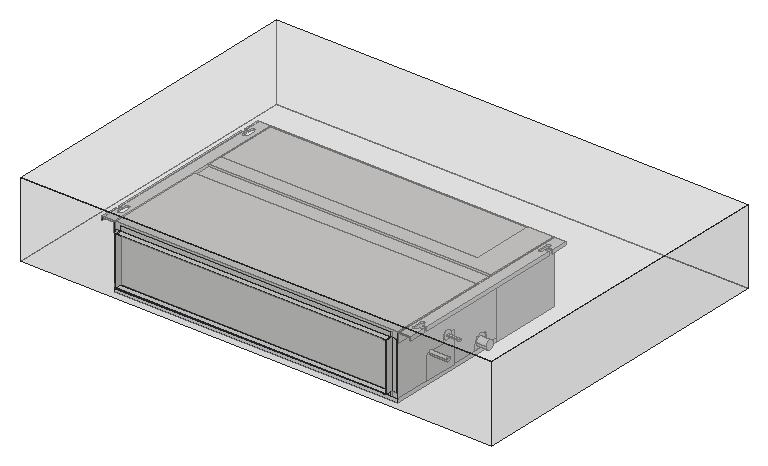
Revit family "outputfile", category 機械設備, Revit 2024
Family settings
  丸型コネクタ寸法 = 半径を使用
  パーツ タイプ = 標準
  OmniClass 番号 = 23.75.10.24.21.27.27
  OmniClass タイトル = Split System Air Conditioning Units
  作業面ベース = いいえ
  常に垂直 = はい
  ロード時にボイドで切り取り = いいえ
  注釈の向きを維持 = いいえ
  共有 = いいえ
  部屋計算ポイント = はい
Parameters (values of type "FXDQ40NDVET")
  Description = ""
  製造元 = "Daikin"
  書き出し IFC クラス(タイプ) = "IfcUnitaryEquipmentType"
  定義済み IFC タイプ(タイプ) = "AIRCONDITIONINGUNIT"
  Cost = 0
  モデル = "FXDQ40NDVET"
  Type Comments = ""
  Keynote = ""
  Type Image = (empty or 0)
  Assembly Code = ""
  w_pipe = 33.0 mm
  r_Liquid Pipe Size = Liquid Pipe Size / 2  # 3.2 mm
  r_Gas Pipe Size = Gas Pipe Size / 2  # 6.35 mm
  r_Drain Pipe Size = Drain Pipe Size / 2  # 10.0 mm
  lw_powersupply = 404.0 mm
  lw_ductflange2 = 820.0 mm
  lw_Width = 860.0 mm
  lh_suctionflange [instance] = if(Rear Connection_Return Air, 100.0 mm + [h***], 190.0 mm + [h***])  # 100.0 mm
  ld_suctionflange [instance] = if(Rear Connection_Return Air, 190.0 mm, 100.0 mm)  # 190.0 mm
  ld_powersupply = 60.0 mm
  angle_vertical_RA [instance] = if(Rear Connection_Return Air, 90.00°, 0.00°)  # 90.00°
  angle horizontal_RA [instance] = if(Rear Connection_Return Air, 180.00°, 270.00°)  # 180.00°
  Voltage_comment_60Hz = "220"
  Voltage_comment_50Hz = "220-240"
  Voltage_60Hz = 220 V
  Voltage_50Hz = 220 V
  URL = ""
  Supply Air Direction [instance] = yes
  Sound Power Level_H speed (dB) = 56
  Rear Connection_Return Air [instance] = not(Bottom Connection_Return Air)  # yes
  RA_length = 190.0 mm  # constant formula
  Phase_60Hz = 1
  Phase_50Hz = 1
  Minimum External Static Pressure = 15.00 Pa
  Minimum Circuit Amps_60Hz = 1.1 A
  Minimum Circuit Amps_50Hz = 1.0 A
  Maximum Fuse Amps_60Hz = 16.0 A
  Maximum Fuse Amps_50Hz = 16.0 A
  Maximum External Static Pressure = 44.00 Pa
  Material_Casing = DAIKIN_GalvanizedSteel_Casing_indoorunit
  lw_liquidpipe = 46.0 mm  # constant formula
  lw_gaspipe = 57.0 mm  # constant formula
  lw_mountinghole_pitch = 940.0 mm
  lw_mountinghole = 20.0 mm  # constant formula
  lw_drainpipe = 33.0 mm  # constant formula
  lh_powersupply = 10.0 mm
  lh_liquidpipe = 110.0 mm
  lh_gaspipe = 87.0 mm
  lh_mountinghole = Height + [h***]  # 200.0 mm
  lh_drainpipe = 30.0 mm
  lh_antena = 1.0 mm  # constant formula
  ld_liquidpipe = 193.0 mm  # constant formula
  ld_gaspipe = 130.0 mm  # constant formula
  ld_mountinghole_pitch = 0.0 mm  # constant formula
  ld_drainpipe = 280.0 mm
  ld_controlbox = 626.0 mm  # constant formula
  h*** = 0.0 mm  # constant formula
  d_dischargeflange = 21.2 mm  # constant formula
  Width = 900.0 mm
  Version = "ver.1.0"
  Unit Type = "Slim Duct (Standard) Type"
  Unit Mass Weight = 27.00 kg
  Unit Designation [instance] = ""
  Uniclass2015Version = "Products v1.30"
  Uniclass2015Title = "Variable refrigerant flow units"
  Uniclass2015Code = "Pr_70_65_03_94"
  Total Heating Capacity [instance] = 0.000 kW
  Total Cooling Capacity [instance] = 0.000 kW
  Sound Pressure Level_M speed (dBA) = 0
  Sound Pressure Level_L speed (dBA) = 26
  Sound Pressure Level_H speed (dBA) = 30
  Series = "VRV Fan Coil Unit"
  Sensible Cooling Capacity [instance] = 0.000 kW
  SA Duct Size Width = 860.0 mm
  SA Duct Size Height = 153.0 mm
  Refrigerant Type = "R410A"
  RA Duct Size Width = 800.0 mm
  RA Duct Size Height = 180.0 mm
  Power Input (Heating) = 0.147 kW
  Power Input (Cooling) = 0.147 kW
  Option Accessory 3 [instance] = ""
  Option Accessory 2 [instance] = ""
  Option Accessory 1 [instance] = ""
  Nominal Heating Capacity = 5.000 kW
  Nominal Cooling Capacity = 4.500 kW
  Minimum Airflow = 510.00 m³/h
  Median Airflow = 570.00 m³/h
  Maximum Airflow = 630.00 m³/h
  Load Classification = HVAC
  Liquid Pipe Size = 6.4 mm
  Link_Nested Family [instance] = ""
  IfcVersion = "0"
  IfcExportType = "AIRCONDITIONINGUNIT"
  IfcExportAs = "IfcUnitaryEquipmentType"
  Height = 200.0 mm
  Heating Entering Wet Bulb Temperature [instance] = 0.00 °C
  Heating Entering Dry Bulb Temperature [instance] = 0.00 °C
  Heating Ambient Wet Bulb Temperature [instance] = 0.00 °C
  Heating Ambient Dry Bulb Temperature [instance] = 0.00 °C
  Heat Exchanger Type = "Cross Fin Coil"
  Gas Pipe Size = 12.7 mm
  Frequency_60Hz = 60 Hz
  Frequency_50Hz = 50 Hz
  Fan Type = "Sirocco Fan"
  Fan Drive = "Direct Drive"
  FCU Tag No. [instance] = ""
  Drain Pipe Size = 20.0 mm
  Design Supply Airflow [instance] = 0.00 m³/h
  Design Return Airflow [instance] = 0.00 m³/h
  Design External Static Pressure [instance] = 0.00 Pa
  Depth = 620.0 mm
  既定の高さ = 0.0 mm
  Cooling Entering Wet Bulb Temperature [instance] = 0.00 °C
  Cooling Entering Dry Bulb Temperature [instance] = 0.00 °C
  Cooling Ambient Wet Bulb Temperature [instance] = 0.00 °C
  Cooling Ambient Dry Bulb Temperature [instance] = 0.00 °C
  Clearance visibility [instance] = yes
  Clearance Top = 20.0 mm
  Clearance Right = 300.0 mm
  Clearance Rear = 400.0 mm
  Clearance Left = 300.0 mm
  Clearance Front = 0.0 mm
  Clearance Bottom = 20.0 mm
  Bottom Connection_Return Air [instance] = no
Reference planes
  plane 1 "Center (Front/Back)": y = 0
  plane 2: z = 0
  plane 3 "Center (Left/Right)": x = 0
  plane 4 "Back": y = 310
  plane 5 "Front": y = -310
  plane 6 "Left": x = -450
  plane 7 "Right": x = 450
  plane 8 "Top": z = 0
  plane 9 "Bottom": z = -200
  plane 10: x = 330
  plane 11: x = -330
  plane 12: z = -190
  plane 13: z = -6
  plane 14: z = -22
  plane 15: z = -90
  plane 16: z = -113
  plane 17: x = -304
  plane 18: x = 304
  plane 19: x = -470
  plane 20: x = 470
  plane 21: y = 250
  plane 22: y = 250
  plane 23: x = -490
  plane 24: x = 390
  plane 25: x = 496
  plane 26: x = 507
  plane 27: x = 483
  plane 28: z = 0
  plane 29: z = -170
  plane 30 "Clearance Left": x = -750
  plane 31 "Clearance Right": x = 750
  plane 32 "Clearance Rear": y = 710
  plane 33 "Clearance Front": y = -310
  plane 34 "Clearance Top": z = 20
  plane 35 "Clearance Bottom": z = -220
  plane 36: z = -21
  plane 37: z = -170
  plane 38: z = -96.5
  plane 39: x = -40
  plane 40: y = -180
  plane 41: y = -117
  plane 42: y = -30
  plane 43: y = 20
  plane 44: z = -97.5
  plane 45: y = -309
  plane 46: x = -449
  plane 47: z = -100
  plane 48: z = -30
  plane 49: y = 210
  plane 50: z = 301
  plane 51: z = -199
  plane 52: y = 120
  plane 53: z = -101
  plane 54: x = 480
  plane 55: x = 445
  plane 56: x = 455
  plane 57: x = 451
  plane 58: x = 369
  plane 59: x = 449.004
  plane 60: x = -449
  plane 61: x = 404
  plane 62: z = -189
  plane 63: z = 102.5
Forms (mm)
  Extrusion 1, solid
    sketch origin (0, 0, 0) x (1, 0, 0) y (0, 0, 1)
      loop
        line (-450, -190) -> (-450, -200) -> (450, -200) -> (450, -190) -> (-450, -190)
    from -84 to 310
  Extrusion 2, solid, material "DAIKIN_GalvanizedSteel_Casing_indoorunit" <- "Material_Casing"
    sketch origin (0, 0, 0) x (1, 0, 0) y (0, 1, 0)
      loop
        line (-450, -309) -> (450, -309) -> (450, 310) -> (-450, 310) -> (-450, -309)
    from -200 to 0
  Extrusion 3, void
    sketch origin (0, 0, 1) x (1, 0, 0) y (0, 1, 0)
      loop
        line (-450, 62.179) -> (-450, 4.179) -> (450, 4.179) -> (450, 62.179) -> (-450, 62.179)
    from -1 to -7
  Extrusion 4, void
    sketch origin (0, 0, 0) x (0, 1, 0) y (0, 0, 1)
      loop
        line (-5, -190) -> (45, -190) -> (45, -170)
        arc (45, -170) -> (20, -145) -> (-5, -170) r 25
        line (-5, -170) -> (-5, -190)
    from 450 to 445
  Revolve 5, solid, material "DAIKIN_GalvanizedSteel_Casing_indoorunit" <- "Material_Casing"
    sketch origin (0, 0, -113) x (0, -1, 0) y (1, 0, 0)
      loop
        line (173.65, 451) -> (180, 451) -> (180, 507) -> (173.65, 507) -> (173.65, 451)
      axis (180, 451) -> (180, 507)
    angle from 0 to 360
  Revolve 6, solid, material "DAIKIN_GalvanizedSteel_Casing_indoorunit" <- "Material_Casing"
    sketch origin (0, 0, -90) x (0, -1, 0) y (1, 0, 0)
      loop
        line (117, 451) -> (117, 496) -> (113.8, 496) -> (113.8, 451) -> (117, 451)
      axis (117, 496) -> (117, 451)
    angle from 0 to 360
  Extrusion 7, solid, material "DAIKIN_GalvanizedSteel_Casing_indoorunit" <- "Material_Casing"
    sketch origin (0, 0, 0) x (0, 1, 0) y (0, 0, 1)
      loop
        circle (-116, -90) r 12.7
    from 450 to 455
  Extrusion 8, solid, material "DAIKIN_GalvanizedSteel_Casing_indoorunit" <- "Material_Casing"
    sketch origin (0, 0, 0) x (0, 1, 0) y (0, 0, 1)
      loop
        circle (20, -170) r 13
    from 480 to 445
  Extrusion 9, solid, material "DAIKIN_GalvanizedSteel_Casing_indoorunit" <- "Material_Casing"
    sketch origin (0, 0, 0) x (1, 0, 0) y (0, 0, 1)
      loop
        line (-450, -190) -> (-450, -200) -> (450, -200) -> (450, -190) -> (-450, -190)
    from -84 to 310
  Extrusion 10, solid, material "DAIKIN_GalvanizedSteel_Casing_indoorunit" <- "Material_Casing", visible <- "Bottom Connection_Return Air"
    sketch origin (0, 0, 0) x (1, 0, 0) y (0, 0, 1)
      loop
        line (369, -200) -> (369, -1) -> (-449, -1) -> (-449, -200) -> (369, -200)
    from -310 to -309
  Extrusion 11, void
    sketch origin (0, 0, 0) x (1, 0, 0) y (0, 0, 1)
      loop
        line (369, 0) -> (-449, 0) -> (-449, -1) -> (369, -1) -> (369, 0)
    from -310 to -111
  Extrusion 12, solid, material "DAIKIN_GalvanizedSteel_Casing_indoorunit" <- "Material_Casing", visible <- "Rear Connection_Return Air"
    sketch origin (0, 0, 0) x (1, 0, 0) y (0, 1, 0)
      loop
        line (-449, 310) -> (-449, 111) -> (369, 111) -> (369, 310) -> (-449, 310)
    from -200 to -199
  Extrusion 13, solid, material "DAIKIN_GalvanizedSteel_Casing_indoorunit" <- "Material_Casing"
    sketch origin (0, 0, 0) x (0, 1, 0) y (0, 0, 1)
      loop
        line (-194, -113) -> (-194, -190) -> (-88.3, -190) -> (-88.3, -90) -> (-103.3, -90)
        arc (-103.3, -90) -> (-116, -102.7) -> (-128.7, -90) r 12.7
        line (-128.7, -90) -> (-128.7, -113) -> (-173.65, -113)
        arc (-173.65, -113) -> (-180, -119.35) -> (-186.35, -113) r 6.35
        line (-186.35, -113) -> (-194, -113)
    from 451 to 450
  Extrusion 14, solid, material "DAIKIN_GalvanizedSteel_Casing_indoorunit" <- "Material_Casing"
    sketch origin (0, 0, 0) x (0, 1, 0) y (0, 0, 1)
      loop
        line (84, -199) -> (310, -199) -> (310, -22) -> (91, -22) -> (84, -29) -> (84, -199)
    from 451 to 450
Cuts and joins
  Extrusion 3, Extrusion 4, Extrusion 11 cuts Extrusion 2
  Extrusion 4 cuts Extrusion 1
  Extrusion 11 cuts Extrusion 9
Dimensions and locks
  "lh_powersupply": plane 12 to plane 9 "Bottom"
  locked: plane 8 "Top" to plane 13 at 6
  "Height": plane 8 "Top" to plane 9 "Bottom"
  equal spacing: plane 17, plane 3 "Center (Left/Right)", plane 18, locked at 304 each
  locked: plane 17 to plane 18 at 608
  equal spacing: plane 19, plane 3 "Center (Left/Right)", plane 20
  "lw_mountinghole_pitch": plane 19 to plane 20
  locked: plane 14 to plane 9 "Bottom" at 178
  "lw_mountinghole": plane 23 to plane 19
  "lh_liquidpipe": plane 15 to plane 9 "Bottom"
  "lh_gaspipe": plane 16 to plane 9 "Bottom"
  "lh_mountinghole": plane 28 to plane 9 "Bottom"
  "ld_mountinghole_pitch": plane 22 to plane 21
  equal spacing: plane 6 "Left", plane 3 "Center (Left/Right)", plane 7 "Right"
  "Width": plane 6 "Left" to plane 7 "Right"
  "lh_drainpipe": plane 29 to plane 9 "Bottom"
  "Clearance Right": plane 7 "Right" to plane 31 "Clearance Right"
  "Clearance Left": plane 30 "Clearance Left" to plane 6 "Left"
  "lw_gaspipe": plane 7 "Right" to plane 26
  "lw_liquidpipe": plane 7 "Right" to plane 25
  "lw_drainpipe": plane 7 "Right" to plane 27
  "Clearance Rear": plane 32 "Clearance Rear" to plane 4 "Back"
  "Clearance Front": plane 5 "Front" to plane 33 "Clearance Front"
  "Clearance Top": plane 34 "Clearance Top" to plane 8 "Top"
  "Clearance Bottom": plane 9 "Bottom" to plane 35 "Clearance Bottom"
  "ld_powersupply": plane 4 "Back" to plane 22
  locked: plane 8 "Top" to plane 36 at 21
  locked: plane 8 "Top" to plane 37 at 170
  locked: plane 40 to plane 41 at 63
  locked: plane 38 to plane 9 "Bottom" at 103.5
  locked: plane 36 to plane 44 at 76.5
  "Depth": plane 4 "Back" to plane 5 "Front"
  equal spacing: plane 4 "Back", plane 1 "Center (Front/Back)", plane 5 "Front"
  locked: plane 45 to plane 5 "Front" at 1
  locked: plane 46 to plane 6 "Left" at 1
  Extrusion 10 sketch curve to Extrusion 10 sketch curve = 199.0 mm
  locked: plane 12 to plane 47 at 90
  plane 32 "Clearance Rear" to Extrusion 10 = 401.0 mm
  locked: plane 48 to plane 35 "Clearance Bottom" at 190
  plane 50 to plane 28 = 301.0 mm
  locked: plane 51 to plane 9 "Bottom" at 1
  "ld_suctionflange": plane 4 "Back" to plane 52
  locked: plane 53 to plane 9 "Bottom" at 99
  locked: plane 7 "Right" to plane 54 at 30
  locked: plane 55 to plane 7 "Right" at 5
  locked: plane 7 "Right" to plane 56 at 5
  locked: plane 7 "Right" to plane 57 at 1
  plane 7 "Right" to plane 58 = 81.0 mm
  locked: plane 7 "Right" to plane 59 at 0.996
  locked: plane 60 to plane 6 "Left" at 1
  "lw_powersupply": plane 3 "Center (Left/Right)" to plane 61
  "r_Gas Pipe Size": nested 6 to Revolve 5 sketch curve
  "r_Liquid Pipe Size": nested 5 to Revolve 6 sketch curve
  locked: plane 62 to plane 9 "Bottom" at 11
  aligned and locked: level to plane 2
  aligned and locked: Extrusion 2 to plane 9 "Bottom"
  aligned and locked: plane 8 "Top" to Extrusion 2
  aligned and locked: Revolve 5 sketch curve to Revolve 5 sketch curve
  aligned and locked: plane 15 to Extrusion 7 sketch curve
  aligned and locked: cut or joined group of Extrusion 1, Extrusion 4 to plane 9 "Bottom"
  aligned and locked: plane 25 to nested 5
  aligned and locked: nested 5 to plane 15
  aligned and locked: nested 1 to plane 22
  aligned and locked: plane 20 to nested 2
  aligned and locked: plane 19 to nested 3
  aligned and locked: plane 22 to nested 4
  aligned and locked: nested 4 to plane 22
  aligned and locked: plane 19 to nested 4
  aligned and locked: nested 10 to plane 12
  aligned and locked: Extrusion 9 to plane 5 "Front"
  aligned and locked: Extrusion 9 to plane 9 "Bottom"
  aligned and locked: nested 6 to plane 16
  aligned and locked: plane 40 to nested 6
  aligned and locked: plane 41 to nested 5
  aligned and locked: Extrusion 8 sketch curve to plane 43
  aligned and locked: plane 4 "Back" to Extrusion 11
  aligned and locked: plane 8 "Top" to Extrusion 3
  aligned and locked: Extrusion 10 to cut or joined group of Extrusion 2, Extrusion 3, Extrusion 4, Extrusion 11
  aligned and locked: plane 9 "Bottom" to Extrusion 12  (x2)
  aligned and locked: Extrusion 12 to plane 51
  aligned and locked: Extrusion 11 to level
  aligned and locked: plane 32 "Clearance Rear" to nested 13
  aligned and locked: plane 31 "Clearance Right" to nested 13
  aligned and locked: plane 30 "Clearance Left" to nested 13
  aligned and locked: nested 13 to plane 33 "Clearance Front"
  aligned and locked: nested 13 to plane 34 "Clearance Top"
  aligned and locked: nested 13 to plane 35 "Clearance Bottom"
  aligned and locked: plane 7 "Right" to Extrusion 13  (x2)
  aligned and locked: plane 4 "Back" to Extrusion 14
  aligned and locked: Extrusion 14 to plane 51
  aligned and locked: plane 7 "Right" to Extrusion 14  (x2)
  aligned and locked: Extrusion 13 to Revolve 5 sketch curve
  aligned and locked: Extrusion 3 to plane 13
  aligned and locked: plane 52 to nested 14
  aligned and locked: Extrusion 7 to plane 7 "Right"
  aligned and locked: plane 7 "Right" to cut or joined group of Extrusion 2, Extrusion 3, Extrusion 4, Extrusion 11  (x3)
  aligned and locked: cut or joined group of Extrusion 2, Extrusion 3, Extrusion 4, Extrusion 11 to plane 55
  aligned and locked: Extrusion 8 to plane 55
  aligned and locked: plane 54 to Extrusion 8
  aligned and locked: plane 56 to Extrusion 7
  aligned and locked: plane 57 to Extrusion 14
  aligned and locked: Extrusion 13 to plane 57
  aligned and locked: plane 26 to nested 6
  aligned and locked: plane 58 to Extrusion 11 sketch curve
  aligned and locked: Extrusion 10 sketch curve to plane 58
  aligned and locked: plane 3 "Center (Left/Right)" to nested 15
  aligned and locked: Extrusion 12 to plane 58
  aligned and locked: plane 6 "Left" to nested 11
  aligned and locked: plane 8 "Top" to nested 15
  aligned and locked: plane 4 "Back" to nested 15
  aligned and locked: cut or joined group of Extrusion 2, Extrusion 3, Extrusion 4, Extrusion 11 to plane 45
  aligned and locked: nested 10 to plane 61
  aligned and locked: plane 20 to nested 1
  aligned and locked: plane 43 to nested 7
  aligned and locked: nested 7 to plane 37
  aligned and locked: plane 54 to nested 7
  aligned and locked: nested 9 to plane 1 "Center (Front/Back)"
  aligned and locked: plane 3 "Center (Left/Right)" to nested 9
  aligned and locked: nested 16 to plane 62
  aligned and locked: plane 13 to nested 16
  aligned and locked: nested 11 to plane 51
  aligned and locked: nested 12 to plane 51
  aligned and locked: plane 44 to nested 8
  aligned and locked: plane 45 to nested 16
  aligned and locked: level to plane 8 "Top"
Automatic sketch dimensions
  Extrusion 1 sketch curve to plane 6 "Left" = 0.0 mm
  Extrusion 1 sketch curve to plane 7 "Right" = 0.0 mm
  Extrusion 1 sketch curve to plane 9 "Bottom" = 0.0 mm
  Extrusion 1 sketch curve to plane 12 = 0.0 mm
  Extrusion 2 sketch curve to plane 4 "Back" = 0.0 mm
  Extrusion 2 sketch curve to plane 6 "Left" = 0.0 mm
  Extrusion 2 sketch curve to plane 7 "Right" = 0.0 mm
  Extrusion 2 sketch curve to plane 45 = 0.0 mm
  Extrusion 3 sketch curve to plane 6 "Left" = 0.0 mm
  Extrusion 3 sketch curve to plane 7 "Right" = 0.0 mm
  Extrusion 3 sketch curve to plane 1 "Center (Front/Back)" = 4.179 mm
  plane 43 to Extrusion 3 sketch curve = 42.179 mm
  Extrusion 4 sketch curve to plane 37 = 0.0 mm
  Extrusion 4 sketch curve to plane 12 = 0.0 mm
  Extrusion 4 sketch curve to plane 43 = 0.0 mm
  plane 1 "Center (Front/Back)" to Extrusion 4 sketch curve = 5.0 mm
  plane 41 to Extrusion 7 sketch curve = 1.0 mm
  Extrusion 8 sketch curve to plane 37 = 0.0 mm
  Extrusion 9 sketch curve to plane 6 "Left" = 0.0 mm
  Extrusion 9 sketch curve to plane 7 "Right" = 0.0 mm
  Extrusion 9 sketch curve to plane 9 "Bottom" = 0.0 mm
  Extrusion 9 sketch curve to plane 12 = 0.0 mm
  plane 46 to Extrusion 10 sketch curve = 0.0 mm
  plane 46 to Extrusion 11 sketch curve = 0.0 mm
  Extrusion 11 sketch curve to plane 8 "Top" = 1.0 mm
  Extrusion 12 sketch curve to plane 46 = 0.0 mm
  Extrusion 12 sketch curve to plane 4 "Back" = 0.0 mm
  plane 18 to Extrusion 12 sketch curve = 65.0 mm
  plane 43 to Extrusion 12 sketch curve = 91.0 mm
  plane 35 "Clearance Bottom" to Extrusion 11 sketch curve = 220.0 mm
  Extrusion 10 sketch curve to plane 51 = 1.0 mm
  Extrusion 13 sketch curve to plane 12 = 0.0 mm
  Extrusion 13 sketch curve to plane 16 = 0.0 mm
  Extrusion 13 sketch curve to plane 40 = 0.0 mm
  Extrusion 13 sketch curve to plane 15 = 0.0 mm
  Extrusion 13 sketch curve to Extrusion 13 sketch curve = 6.35 mm
  Extrusion 13 sketch curve to Extrusion 13 sketch curve = 7.65 mm
  Extrusion 13 sketch curve to plane 41 = 11.7 mm
  plane 41 to Extrusion 13 sketch curve = 1.0 mm
  Extrusion 13 sketch curve to Extrusion 13 sketch curve = 27.7 mm
  Extrusion 14 sketch curve to plane 51 = 0.0 mm
  Extrusion 14 sketch curve to plane 14 = 0.0 mm
  plane 48 to Extrusion 14 sketch curve = 1.0 mm
  plane 43 to Extrusion 14 sketch curve = 64.0 mm
  Extrusion 14 sketch curve to Extrusion 14 sketch curve = 7.0 mm
  Extrusion 14 sketch curve to plane 4 "Back" = 0.0 mm
  Revolve 5 sketch curve to plane 26 = 0.0 mm
  Revolve 5 sketch curve to plane 40 = 0.0 mm
  Revolve 5 sketch curve to Revolve 5 sketch curve = 1.003 mm
  plane 26 to Revolve 5 sketch curve = 1.003 mm
  Revolve 6 sketch curve to plane 41 = 0.0 mm  (x2)
  Revolve 6 sketch curve to plane 25 = 0.0 mm  (x2)
  Revolve 6 sketch curve to plane 57 = 0.0 mm  (x2)
  radius of Extrusion 7 sketch curve = 12.7 mm
  radius of Extrusion 8 sketch curve = 13.0 mm
Nested families
  nested 1: "daikin_mountinghole" at (470, 250, -200), l_antenna <- "lh_antena", Link_Nested Family <- "Link_Nested Family", h_mountinghole <- "lh_mountinghole", type "daikin_mountinghole"
    with show yes, l_antenna 1.0 mm, h_mountinghole 200.0 mm, Link_Nested Family ""
  nested 2: "daikin_mountinghole" at (470, -250, -200), Link_Nested Family <- "Link_Nested Family", l_antenna <- "lh_antena", h_mountinghole <- "lh_mountinghole", type "daikin_mountinghole"
    with show yes, l_antenna 1.0 mm, h_mountinghole 200.0 mm, Link_Nested Family ""
  nested 3: "daikin_mountinghole" at (-470, -250, -200), l_antenna <- "lh_antena", Link_Nested Family <- "Link_Nested Family", h_mountinghole <- "lh_mountinghole", type "daikin_mountinghole"
    with show yes, l_antenna 1.0 mm, h_mountinghole 200.0 mm, Link_Nested Family ""
  nested 4: "daikin_mountinghole" at (-470, 250, -200), l_antenna <- "lh_antena", Link_Nested Family <- "Link_Nested Family", h_mountinghole <- "lh_mountinghole", type "daikin_mountinghole"
    with show yes, l_antenna 1.0 mm, h_mountinghole 200.0 mm, Link_Nested Family ""
  nested 5: "daikin_connector_rotate2" at (450, -117, -90) x (0, 1, 0) z (0, 0, 1), length <- "lw_liquidpipe", built-in parameter 1001364 <- "lh_liquidpipe", radius <- "r_Liquid Pipe Size", type "daikin_connector_rotate2"
    with radius 3.2 mm, length 46.0 mm, angle_vertical 90.00°, show_face no
  nested 6: "daikin_connector_rotate2" at (450, -180, -113) x (0, 1, 0) z (0, 0, 1), length <- "lw_gaspipe", built-in parameter 1001364 <- "lh_gaspipe", radius <- "r_Gas Pipe Size", type "daikin_connector_rotate2"
    with radius 6.35 mm, length 57.0 mm, angle_vertical 90.00°, show_face no
  nested 7: "daikin_connector_rotate2" at (447, 20, -170) x (0, 1, 0) z (0, 0, 1), built-in parameter 1001364 <- "lh_drainpipe", length <- "lw_drainpipe", radius <- "r_Drain Pipe Size", type "daikin_connector_rotate2"
    with radius 10.0 mm, length 33.0 mm, angle_vertical 90.00°, show_face no
  nested 8: "daikin_connector_rotate2" at (0, -309, -97.5), length <- "d_dischargeflange", type "daikin_connector_rotate2"
    with radius 10.0 mm, length 21.2 mm, angle_vertical 90.00°, show_face no
  nested 9: "daikin_△_symbolicline" at (-75, -129.904, 200) x (-0.5, 0.866, 0) z (0, 0, 1), built-in parameter 1001364 <- "Height", visible <- "Supply Air Direction", type "daikin_△_symbolicline"
    with length 300.0 mm
  nested 10: "daikin_connector_rotate2" at (404, 250, -190) x (-1, 0, 0) z (0, 0, 1), built-in parameter 1001364 <- "lw_powersupply", length <- "ld_powersupply", type "daikin_connector_rotate2"
    with radius 10.0 mm, length 60.0 mm, angle_vertical 90.00°, show_face no
  nested 11: "daikin_ductflange_FXDQ-NDVET2" at (-40, 310, -100), visible <- "Rear Connection_Return Air", material <- "Material_Casing", width <- "lw_ductflange2", type "daikin_ductflange_FXDQ-NDVET2"
    with width 820.0 mm, material DAIKIN_GalvanizedSteel_Casing_indoorunit, height 180.0 mm, depth 21.2 mm
  nested 12: "daikin_ductflange_FXDQ-NDVET2" at (-40, 210, -200) x (1, 0, 0) z (0, 1, 0), visible <- "Bottom Connection_Return Air", material <- "Material_Casing", width <- "lw_ductflange2", type "daikin_ductflange_FXDQ-NDVET2"
    with width 820.0 mm, material DAIKIN_GalvanizedSteel_Casing_indoorunit, height 180.0 mm, depth 21.2 mm
  nested 13: "daikin_clearancespace" at (0, 200, -99.881), visible <- "Clearance visibility", show <- "Clearance visibility", Link_Nested Family <- "Link_Nested Family", type "daikin_clearancespace"
    with width 1500.0 mm, show yes, height 240.0 mm, depth 1020.0 mm, Link_Nested Family ""
  nested 14: "daikin_connector_rotate3" at (-40, 120, -100), built-in parameter 1001364 <- "lh_suctionflange", angle_vertical <- "angle_vertical_RA", angle_horizontal <- "angle horizontal_RA", length <- "RA_length", type "daikin_connector_rotate3"
    with show no, radius 10.0 mm, length 190.0 mm, angle_vertical 90.00°, angle_horizontal 180.00°
  nested 15: "daikin_hangerfixture_FXDQ-NDVET" at (0, 0.5, 0), type "daikin_hangerfixture_FXDQ-NDVET"
  nested 16: "daikin_ductflange_FXDQ-NDVET" at (0, 4.5, -364.201), width <- "lw_Width", material <- "Material_Casing", type "daikin_ductflange_FXDQ-NDVET"
    with width 860.0 mm, material DAIKIN_GalvanizedSteel_Casing_indoorunit, height 155.0 mm, depth 21.2 mm
Connectors
  piping at (507, -180, -113), diameter 12.7, driven by "r_Gas Pipe Size"
    settings: on nested 6, index 1, connector inside diameter 609.6 mm, connector length 0.0 mm, flow factor 0, pipe flow 0.00 m³/h, pressure drop 0.0 Pa, fitting loss kfactor 0, connector angle 0.00°, fixture units 0, engagement length 0.0 mm, angle of deflection 0.00°, flow configuration 1, flow direction 2, fitting loss method 0, system type 29, joint type 0, gender type 0, connector reference index -1, connector utility 0, adjustable connector no, is connector primary yes, connector description "Refrigerant Gas Piping"
  piping at (496, -117, -90), diameter 6.4, driven by "r_Liquid Pipe Size"
    settings: on nested 5, index 2, connector inside diameter 609.6 mm, connector length 0.0 mm, flow factor 0, pipe flow 0.00 m³/h, pressure drop 0.0 Pa, fitting loss kfactor 0, connector angle 0.00°, fixture units 0, engagement length 0.0 mm, angle of deflection 0.00°, flow configuration 1, flow direction 1, fitting loss method 0, system type 29, joint type 0, gender type 0, connector reference index -1, connector utility 0, adjustable connector no, is connector primary no, connector description "Refrigerant Liquid Piping"
  piping at (480, 20, -170), diameter 20, driven by "r_Drain Pipe Size"
    settings: on nested 7, index 3, connector inside diameter 609.6 mm, connector length 0.0 mm, flow factor 0, pipe flow 0.00 m³/h, pressure drop 0.0 Pa, fitting loss kfactor 0, connector angle 0.00°, fixture units 0, engagement length 0.0 mm, angle of deflection 0.00°, flow configuration 1, flow direction 2, fitting loss method 4, system type 16, joint type 0, gender type 0, connector reference index -1, connector utility 0, adjustable connector no, is connector primary no, connector description "Condensate Drain Piping"
  hvac at (0, -330.2, -97.5), driven by "SA Duct Size Height", driven by "SA Duct Size Width"
    settings: on nested 8, index 7, duct flow 0.00 m³/h, flow factor 0, pres drop 0.00 Pa, loss coef 0, conn angle 0.00°, conn width 860.0 mm, conn height 153.0 mm, conn diameter 609.6 mm, duct sys type 1, conn prof type 1, flow config 0, flow direction 2, loss method 4, conn ref index -1, conn util no, is conn primary yes, conn desc "SA Duct"
  electrical at (404, 310, -190), driven by "Load Classification"
    settings: on nested 10, index 9, voltage 0 V, apparent load 0 VA, apparent load phase1 0 VA, apparent load phase2 0 VA, apparent load phase3 0 VA, power factor 1, load classification "HVAC", number of poles 1, system type 30, power factor state 1, is connector primary yes, connector utility no, sub classification motor no, connector description "Power Supply"
  hvac at (-40, 310, -100), driven by "RA Duct Size Height", driven by "RA Duct Size Width"
    settings: on nested 14, index 10, duct flow 0.00 m³/h, flow factor 0, pres drop 0.00 Pa, loss coef 0, conn angle 0.00°, conn width 800.0 mm, conn height 180.0 mm, conn diameter 609.6 mm, duct sys type 2, conn prof type 1, flow config 0, flow direction 1, loss method 4, conn ref index -1, conn util no, is conn primary no, conn desc "RA Duct"
Definition of nested family "daikin_ductflange_FXDQ-NDVET2"
  Parameters (values of type "daikin_ductflange_FXDQ-PDVE2")
    width [instance] = 620.0 mm
    material [instance] = none
    height [instance] = 180.0 mm
    depth [instance] = 21.2 mm
    Default Elevation = 0.0 mm
  Reference planes
    plane 1 "Center (Front/Back)": y = 0
    plane 2: z = 0
    plane 3 "Center (Left/Right)": x = 0
    plane 4: y = -313.5
    plane 5: y = -334.7
    plane 6: x = -310
    plane 7: x = 310
    plane 8: z = 90
    plane 9: z = -90
    plane 10: z = 100
    plane 11: z = -100
    plane 12: x = -309
    plane 13: x = 309
  Forms (mm)
    Extrusion 1, solid, material <- "material"
      sketch origin (0, 0, 0) x (1, 0, 0) y (0, 0, 1)
        loop
          line (-300, 90) -> (-300, -90) -> (300, -90) -> (300, 90) -> (-300, 90)
        loop
          line (-309, -99) -> (309, -99) -> (309, 99) -> (-309, 99) -> (-309, -99)
      from 0 to 1
  Dimensions and locks
    plane 4 to plane 1 "Center (Front/Back)" = 313.5 mm
    "depth": plane 5 to plane 4
    equal spacing: plane 7, plane 3 "Center (Left/Right)", plane 6, locked at 310 each
    "width": plane 7 to plane 6
    equal spacing: plane 8, level, plane 9, locked at 90 each
    "height": plane 8 to plane 9
    equal spacing: plane 10, level, plane 11, locked at 100 each
    locked: plane 10 to plane 11 at 200
    plane 12 to plane 6 = 1.0 mm
    locked: plane 7 to plane 13 at 1
    locked: Extrusion 1 sketch curve to Extrusion 1 sketch curve at 9  (x4)
    locked: plane 10 to Extrusion 1 sketch curve at 1
    locked: Extrusion 1 sketch curve to plane 11 at 1
    aligned and locked: level to plane 2
  Automatic sketch dimensions
    plane 6 to Extrusion 1 sketch curve = 1.0 mm
    Extrusion 1 sketch curve to plane 7 = 1.0 mm
Definition of nested family "daikin_clearancespace"
  Parameters (values of type "daikin_clearancespace")
    width [instance] = 1823.963 mm
    show [instance] = yes
    material = none
    height [instance] = 1359.762 mm
    depth [instance] = 880.0 mm
    Default Elevation = 0.0 mm
    Link_Nested Family [instance] = ""
  Reference planes
    plane 1 "Center (Front/Back)": y = 0
    plane 2 "Center (Elevation)": z = -0.119
    plane 3 "Center (Left/Right)": x = 0
    plane 4: y = 440
    plane 5: y = -440
    plane 6 "Right": x = 911.982
    plane 7 "Left": x = -911.982
    plane 8 "Top": z = 679.762
    plane 9 "Bottom": z = -680
  Forms (mm)
    Extrusion 1, solid, material <- "material", visible <- "show"
      sketch origin (0, 0, 0) x (1, 0, 0) y (0, 1, 0)
        loop
          line (-911.982, 440) -> (-911.982, -440) -> (911.982, -440) -> (911.982, 440) -> (-911.982, 440)
      from -680 to 679.762
  Lines and regions (mm)
    symbolic lines, visible <- "show"
      curve 1: line (911.982, 440, 0) -> (-911.982, 440, 0)
      curve 2: line (-911.982, 440, 0) -> (-911.982, -440, 0)
      curve 3: line (-911.982, -440, 0) -> (911.982, -440, 0)
      curve 4: line (911.982, -440, 0) -> (911.982, 440, 0)
      curve 5: line (911.982, 0, 679.762) -> (-911.982, 0, 679.762)
      curve 6: line (911.982, 0, -680) -> (911.982, 0, 679.762)
      curve 7: line (-911.982, 0, -680) -> (911.982, 0, -680)
      curve 8: line (-911.982, 0, 679.762) -> (-911.982, 0, -680)
      curve 9: line (0, 440, 679.762) -> (0, -440, 679.762)
      curve 10: line (0, -440, 679.762) -> (0, -440, -680)
      curve 11: line (0, 440, -680) -> (0, 440, 679.762)
      curve 12: line (0, -440, -680) -> (0, 440, -680)
  Dimensions and locks
    "width": plane 7 "Left" to plane 6 "Right"
    "depth": plane 4 to plane 5
    "height": plane 8 "Top" to plane 9 "Bottom"
    equal spacing: plane 7 "Left", plane 3 "Center (Left/Right)", plane 6 "Right"
    equal spacing: plane 4, plane 1 "Center (Front/Back)", plane 5
    equal spacing: plane 8 "Top", plane 2 "Center (Elevation)", plane 9 "Bottom"
    aligned and locked: level to plane 2 "Center (Elevation)"
    aligned and locked: Extrusion 1 sketch curve to plane 4
    aligned and locked: plane 7 "Left" to Extrusion 1 sketch curve
    aligned and locked: Extrusion 1 sketch curve to plane 5
    aligned and locked: Extrusion 1 sketch curve to plane 6 "Right"
    aligned and locked: plane 8 "Top" to Extrusion 1
    aligned and locked: curve 1 to Extrusion 1
    aligned and locked: curve 2 to Extrusion 1
    aligned and locked: curve 3 to Extrusion 1
    aligned and locked: curve 4 to Extrusion 1
    aligned and locked: curve 5 to Extrusion 1
    aligned and locked: curve 6 to Extrusion 1
    aligned and locked: curve 7 to Extrusion 1
    aligned and locked: curve 8 to Extrusion 1
    aligned and locked: curve 9 to Extrusion 1
    aligned and locked: curve 10 to Extrusion 1
    aligned and locked: curve 11 to Extrusion 1
    aligned and locked: curve 12 to Extrusion 1
    aligned and locked: Extrusion 1 to plane 9 "Bottom"
Definition of nested family "daikin_hangerfixture_FXDQ-NDVET"
  Parameters (values of type "daikin_hangerfixture_FXDQ-PDVE")
    width = 900.0 mm
    material = none
    height = 30.0 mm
    depth = 619.0 mm
    Default Elevation = 0.0 mm
  Reference planes
    plane 1 "Center (Front/Back)": y = 0
    plane 2: z = 0
    plane 3 "Center (Left/Right)": x = 0
    plane 4: x = 450
    plane 5: y = 309.5
    plane 6: y = -309.5
    plane 7: x = -450
    plane 8: z = -30
  Forms (mm)
    Extrusion 1, solid, material <- "material"
      sketch origin (0, 0, 0) x (1, 0, 0) y (0, 0, 1)
        loop
          line (450, 0) -> (450, -30) -> (452.3, -30) -> (452.3, -2.3) -> (487.7, -2.3) -> (487.7, -10) -> (490, -10) -> (490, 0) -> (450, 0)
      from -309.5 to 309.5
    Extrusion 2, void
      sketch origin (0, 0, 0) x (0, 1, 0) y (0, 0, 1)
        loop
          line (309.5, -30) -> (309.5, -17.979) -> (87.935, -17.979) -> (75.914, -30) -> (309.5, -30)
      from 0 to 550
    Extrusion 3, void
      sketch origin (0, 0, 0) x (1, 0, 0) y (0, 1, 0)
        loop
          line (490, -244) -> (477, -244) -> (477, -237.5)
          arc (477, -237.5) -> (470, -230.5) -> (463, -237.5) r 7
          line (463, -237.5) -> (463, -263.5)
          arc (463, -263.5) -> (470, -270.5) -> (477, -263.5) r 7
          line (477, -263.5) -> (477, -257) -> (490, -257) -> (490, -244)
        loop
          line (490, 243) -> (490, 256) -> (477, 256) -> (477, 262.5)
          arc (477, 262.5) -> (470, 269.5) -> (463, 262.5) r 7
          line (463, 262.5) -> (463, 236.5)
          arc (463, 236.5) -> (470, 229.5) -> (477, 236.5) r 7
          line (477, 236.5) -> (477, 243) -> (490, 243)
      from -254.96 to 618
    Extrusion 4, solid, material <- "material"
      sketch origin (0, 0, 0) x (-1, 0, 0) y (0, 0, -1)
        loop
          line (450, 0) -> (490, 0) -> (490, 10) -> (487.7, 10) -> (487.7, 2.3) -> (452.3, 2.3) -> (452.3, 30) -> (450, 30) -> (450, 0)
      from -309.5 to 309.5
    Extrusion 5, void
      sketch origin (0, 0, 0) x (-1, 0, 0) y (0, -1, 0)
        loop
          line (490, 244) -> (490, 257) -> (477, 257) -> (477, 263.5)
          arc (477, 263.5) -> (470, 270.5) -> (463, 263.5) r 7
          line (463, 263.5) -> (463, 237.5)
          arc (463, 237.5) -> (470, 230.5) -> (477, 237.5) r 7
          line (477, 237.5) -> (477, 244) -> (490, 244)
        loop
          line (490, -243) -> (477, -243) -> (477, -236.5)
          arc (477, -236.5) -> (470, -229.5) -> (463, -236.5) r 7
          line (463, -236.5) -> (463, -262.5)
          arc (463, -262.5) -> (470, -269.5) -> (477, -262.5) r 7
          line (477, -262.5) -> (477, -256) -> (490, -256) -> (490, -243)
      from -254.96 to 618
  Cuts and joins
    Extrusion 2, Extrusion 3, Extrusion 5 cuts Extrusion 1
    Extrusion 5 cuts Extrusion 4
  Dimensions and locks
    equal spacing: plane 5, plane 1 "Center (Front/Back)", plane 6
    "depth": plane 5 to plane 6
    plane 6 to plane 1 "Center (Front/Back)" to plane 5 = 309.5 mm, 309.5 mm
    equal spacing: plane 4, plane 3 "Center (Left/Right)", plane 7
    "width": plane 4 to plane 7
    "height": level to plane 8
    locked: plane 4 to Extrusion 2 at 100
    aligned and locked: level to plane 2
    aligned and locked: plane 5 to Extrusion 1
    aligned and locked: Extrusion 1 to plane 6
    aligned and locked: Extrusion 1 to plane 4
    aligned and locked: plane 5 to cut or joined group of Extrusion 1, Extrusion 2, Extrusion 3, Extrusion 5
    aligned and locked: cut or joined group of Extrusion 1, Extrusion 2, Extrusion 3, Extrusion 5 to plane 6
    aligned and locked: level to cut or joined group of Extrusion 1, Extrusion 2, Extrusion 3, Extrusion 5
    aligned and locked: cut or joined group of Extrusion 1, Extrusion 2, Extrusion 3, Extrusion 5 to plane 8
    aligned and locked: plane 5 to cut or joined group of Extrusion 4, Extrusion 5
    aligned and locked: cut or joined group of Extrusion 4, Extrusion 5 to plane 6
  Automatic sketch dimensions
    Extrusion 1 sketch curve to plane 4 = 0.0 mm
    Extrusion 1 sketch curve to plane 8 = 0.0 mm
    Extrusion 1 sketch curve to level = 0.0 mm
    plane 4 to Extrusion 1 sketch curve = 2.3 mm
    Extrusion 1 sketch curve to level = 2.3 mm
    Extrusion 1 sketch curve to Extrusion 1 sketch curve = 35.4 mm
    Extrusion 1 sketch curve to Extrusion 1 sketch curve = 2.3 mm
    Extrusion 1 sketch curve to Extrusion 1 sketch curve = 7.7 mm
    Extrusion 2 sketch curve to plane 8 = 0.0 mm
    Extrusion 2 sketch curve to plane 5 = 0.0 mm
    plane 8 to Extrusion 2 sketch curve = 12.021 mm
    Extrusion 2 sketch curve to plane 1 "Center (Front/Back)" = 87.935 mm
    Extrusion 2 sketch curve to Extrusion 2 sketch curve = 12.021 mm
    plane 4 to Extrusion 3 sketch curve = 13.0 mm  (x2)
    Extrusion 3 sketch curve to Extrusion 3 sketch curve = 7.0 mm  (x4)
    Extrusion 3 sketch curve to Extrusion 3 sketch curve = 13.0 mm  (x4)
    plane 6 to Extrusion 3 sketch curve = 46.0 mm
    Extrusion 3 sketch curve to Extrusion 3 sketch curve = 6.5 mm  (x4)
    Extrusion 3 sketch curve to plane 5 = 73.0 mm
    Extrusion 4 sketch curve to plane 7 = 0.0 mm
    Extrusion 4 sketch curve to plane 8 = 0.0 mm
    Extrusion 4 sketch curve to level = 0.0 mm
    Extrusion 4 sketch curve to plane 7 = 2.3 mm
    Extrusion 4 sketch curve to level = 2.3 mm
    Extrusion 4 sketch curve to Extrusion 4 sketch curve = 35.4 mm
    Extrusion 4 sketch curve to Extrusion 4 sketch curve = 2.3 mm
    Extrusion 4 sketch curve to Extrusion 4 sketch curve = 7.7 mm
    Extrusion 5 sketch curve to plane 7 = 13.0 mm  (x2)
    Extrusion 5 sketch curve to Extrusion 5 sketch curve = 7.0 mm  (x4)
    Extrusion 5 sketch curve to Extrusion 5 sketch curve = 13.0 mm  (x4)
    Extrusion 5 sketch curve to plane 5 = 47.0 mm
    Extrusion 5 sketch curve to Extrusion 5 sketch curve = 6.5 mm  (x4)
    plane 6 to Extrusion 5 sketch curve = 72.0 mm
Definition of nested family "daikin_ductflange_FXDQ-NDVET"
  Parameters (values of type "daikin_ductflange_FXDQ-NDVET")
    width [instance] = 860.0 mm
    material [instance] = none
    height [instance] = 155.0 mm
    depth [instance] = 21.2 mm
    Default Elevation = 0.0 mm
  Reference planes
    plane 1 "Center (Front/Back)": y = 0
    plane 2: z = 189.201
    plane 3 "Center (Left/Right)": x = 0
    plane 4: y = -313.5
    plane 5: x = -430
    plane 6: x = 430
    plane 7: y = -334.7
    plane 8: z = 344.201
    plane 9: z = 266.701
    plane 10: z = 343.201
    plane 11: z = 190.201
  Forms (mm)
    Extrusion 1, solid, material <- "material"
      sketch origin (0, 0, 189.201) x (1, 0, 0) y (0, 1, 0)
        loop
          line (-430, -334.7) -> (-430, -313.5) -> (-448, -313.5) -> (-448, -314.5) -> (-431, -314.5) -> (-431, -334.7) -> (-430, -334.7)
        loop
          line (430, -334.7) -> (431, -334.7) -> (431, -314.5) -> (448, -314.5) -> (448, -313.5) -> (430, -313.5) -> (430, -334.7)
      from 1 to 154
    Extrusion 2, solid, material <- "material"
      sketch origin (0, 0, 0) x (0, 1, 0) y (0, 0, 1)
        loop
          line (-313.5, 343.201) -> (-313.5, 358.201) -> (-314.5, 358.201) -> (-314.5, 344.201) -> (-334.7, 344.201) -> (-334.7, 343.201) -> (-313.5, 343.201)
        loop
          line (-313.5, 190.201) -> (-334.7, 190.201) -> (-334.7, 189.201) -> (-314.5, 189.201) -> (-314.5, 175.201) -> (-313.5, 175.201) -> (-313.5, 190.201)
      from -430 to 430
  Dimensions and locks
    plane 4 to plane 1 "Center (Front/Back)" = 313.5 mm
    "depth": plane 7 to plane 4
    equal spacing: plane 8, plane 9, level
    "height": plane 8 to level
    equal spacing: plane 6, plane 3 "Center (Left/Right)", plane 5
    "width": plane 6 to plane 5
    plane 5 to plane 6 = 860.0 mm
    locked: plane 8 to plane 10 at 1
    locked: plane 11 to level at 1
    locked: Extrusion 1 to Extrusion 2 sketch curve at 1
    locked: Extrusion 2 sketch curve to Extrusion 1 at 1
    locked: Extrusion 1 sketch curve to Extrusion 1 sketch curve at 1
    locked: Extrusion 1 sketch curve to plane 5 at 18
    locked: Extrusion 1 to plane 5 at 18
    locked: plane 6 to Extrusion 1 at 18
    locked: plane 5 to Extrusion 1 at 18
    locked: Extrusion 1 to plane 6 at 18
    aligned and locked: level to plane 2
    aligned and locked: Extrusion 2 to plane 5
    aligned and locked: Extrusion 2 to plane 11
    aligned and locked: Extrusion 2 to plane 10
    aligned and locked: plane 6 to Extrusion 2
    aligned and locked: plane 5 to Extrusion 2  (x2)
    aligned and locked: plane 5 to Extrusion 1  (x2)
    aligned and locked: Extrusion 1 to plane 6
    aligned and locked: plane 6 to Extrusion 1
    aligned and locked: Extrusion 1 to plane 10
  Automatic sketch dimensions
    Extrusion 1 sketch curve to plane 4 = 0.0 mm  (x2)
    Extrusion 1 sketch curve to plane 7 = 0.0 mm  (x2)
    plane 5 to Extrusion 1 sketch curve = 0.0 mm
    Extrusion 1 sketch curve to plane 5 = 1.0 mm
    plane 6 to Extrusion 1 sketch curve = 1.0 mm
    Extrusion 2 sketch curve to plane 7 = 0.0 mm  (x2)
    Extrusion 2 sketch curve to plane 4 = 0.0 mm  (x2)
    Extrusion 2 sketch curve to plane 11 = 0.0 mm
    Extrusion 2 sketch curve to plane 10 = 0.0 mm
    Extrusion 2 sketch curve to plane 4 = 1.0 mm  (x2)
    Extrusion 2 sketch curve to level = 14.0 mm
    plane 8 to Extrusion 2 sketch curve = 14.0 mm
    Extrusion 1 sketch curve to Extrusion 1 sketch curve = 17.0 mm
    Extrusion 1 sketch curve to plane 4 = 1.0 mm
    Extrusion 1 sketch curve to plane 6 = 0.0 mm
Definition of nested family "daikin_mountinghole"
  Parameters (values of type "daikin_mountinghole")
    Default Elevation = 1219.2 mm
    Type Comments = "mountinghole"
    show [instance] = yes
    material = none
    l_centerline = 100.0 mm
    l_antenna [instance] = 100.0 mm
    h_mountinghole [instance] = 0.0 mm
    d_circle = 30.0 mm
    Link_Nested Family [instance] = ""
  Reference planes
    plane 1 "Center (Front/Back)": y = 0
    plane 2: z = 0
    plane 3 "Center (Left/Right)": x = 0
    plane 4: y = 50
    plane 5: x = -50
    plane 6: x = 50
    plane 7: y = -50
    plane 8 "h_mountinghole": z = 0
    plane 9: z = 100
  Lines and regions (mm)
    model lines, detail levels fine
      curve 1: circle (0, 0, 0) r 15 normal (0, 0, 1)
      curve 2: line (-50, 0, 0) -> (50, 0, 0)
      curve 3: line (0, 50, 0) -> (0, -50, 0)
    symbolic lines, detail levels fine
      curve 4: circle (0, 0, 0) r 15 normal (0, 0, 1)
      curve 5: line (-50, 0, 0) -> (50, 0, 0)
      curve 6: line (0, 50, 0) -> (0, -50, 0)
    model lines
      curve 7: line (0, 0, 100) -> (0, 0, 0)
  Dimensions and locks
    equal spacing: plane 4, plane 1 "Center (Front/Back)", plane 7
    "l_centerline": plane 4 to plane 7
    equal spacing: plane 5, plane 3 "Center (Left/Right)", plane 6
    "l_centerline": plane 5 to plane 6
    "l_antenna": plane 9 to plane 8 "h_mountinghole"
    "h_mountinghole": plane 8 "h_mountinghole" to plane 2
    "d_circle": diameter of curve 1
    "d_circle": diameter of curve 4
    aligned and locked: level to plane 2
    aligned and locked: plane 1 "Center (Front/Back)" to curve 1
    aligned and locked: plane 3 "Center (Left/Right)" to curve 1
    aligned and locked: plane 1 "Center (Front/Back)" to curve 2
    aligned and locked: curve 3 to plane 3 "Center (Left/Right)"
    aligned and locked: plane 6 to curve 2
    aligned and locked: plane 5 to curve 2
    aligned and locked: plane 4 to curve 3
    aligned and locked: plane 7 to curve 3
    aligned and locked: plane 1 "Center (Front/Back)" to curve 4
    aligned and locked: plane 3 "Center (Left/Right)" to curve 4
    aligned and locked: plane 6 to curve 5
    aligned and locked: plane 5 to curve 5
    aligned and locked: plane 1 "Center (Front/Back)" to curve 5
    aligned and locked: plane 4 to curve 6
    aligned and locked: plane 7 to curve 6
    aligned and locked: curve 6 to plane 3 "Center (Left/Right)"
    aligned and locked: curve 7 to plane 3 "Center (Left/Right)"
    aligned and locked: plane 9 to curve 7
    aligned and locked: plane 8 "h_mountinghole" to curve 7
Definition of nested family "daikin_connector_rotate2"
  Parameters (values of type "daikin_connector_rotate2")
    show_face = yes
    radius [instance] = 10.0 mm
    length [instance] = 600.0 mm
    d_surface = 10.0 mm
    angle_vertical [instance] = 90.00°
    Default Elevation = 0.0 mm
  Reference planes
    plane 1 "Center (Front/Back)": y = 0
    plane 2: z = 0
    plane 3 "Center (Left/Right)": x = 0
  Forms (mm)
    Extrusion 1, solid, visible <- "show_face"
      sketch origin (0, -600, 0) x (1, 0, 0) y (0, 0, 1)
        loop
          circle (0, 0) r 10
      from 0 to -10
  Lines and regions (mm)
    reference lines
      curve 1: line (0, 0, 0) -> (0, -600, 0)
    symbolic lines
      curve 2: circle (0, 0, 0) r 5 normal (0, 0, 1)
    model lines, visible <- "show_face"
      curve 3: line (0, 0, 0) -> (0, -600, 0)
  Dimensions and locks
    "length": curve 1 to curve 1
    "length": curve 3 to curve 3
    "d_surface": Extrusion 1 to Extrusion 1
    "radius": radius of Extrusion 1 sketch curve
    "angle_vertical": angle curve 1 to plane 1 "Center (Front/Back)"
    "angle_vertical": angle curve 3 to plane 1 "Center (Front/Back)"
    aligned and locked: level to plane 2
    aligned and locked: plane 1 "Center (Front/Back)" to curve 1
    aligned and locked: plane 2 to curve 1
    aligned and locked: plane 1 "Center (Front/Back)" to curve 2
    aligned and locked: plane 3 "Center (Left/Right)" to curve 2
    aligned and locked: plane 1 "Center (Front/Back)" to curve 3
    aligned and locked: plane 2 to curve 3
    aligned and locked: Extrusion 1 to Extrusion 1
  Automatic sketch dimensions
    Extrusion 1 sketch curve to level = 0.0 mm
    Extrusion 1 sketch curve to plane 3 "Center (Left/Right)" = 0.0 mm
    radius of curve 2 = 5.0 mm
Definition of nested family "daikin_△_symbolicline"
  Parameters (values of type "daikin_△_symbolicline")
    length [instance] = 500.0 mm
    Default Elevation = 0.0 mm
  Reference planes
    plane 1 "Center (Front/Back)": y = 0
    plane 2: z = 0
    plane 3 "Center (Left/Right)": x = 0
  Lines and regions (mm)
    symbolic lines
      curve 1: line (0, -433.013, 0) -> (250, 0, 0)
      curve 2: line (250, 0, 0) -> (-250, 0, 0)
      curve 3: line (-250, 0, 0) -> (0, -433.013, 0)
  Dimensions and locks
    equal spacing: curve 3, plane 3 "Center (Left/Right)", curve 2
    "length": curve 3 to curve 2
    "length": curve 3 to curve 3
    "length": curve 1 to curve 1
    aligned and locked: level to plane 2
    aligned and locked: curve 2 to plane 1 "Center (Front/Back)"
    aligned and locked: plane 3 "Center (Left/Right)" to curve 3
Definition of nested family "daikin_connector_rotate3"
  Parameters (values of type "daikin_connector_rotate3")
    Default Elevation = 1219.2 mm
    show [instance] = yes
    radius [instance] = 10.0 mm
    length [instance] = 600.0 mm
    angle_horizontal [instance] = 60.00°
    angle_vertical [instance] = 90.00°
  Reference planes
    plane 1 "Center (Front/Back)": y = 0
    plane 2: z = 0
    plane 3 "Center (Left/Right)": x = 0
  Dimensions and locks
    "angle_horizontal": angle plane 3 "Center (Left/Right)" to nested 1
    aligned and locked: level to plane 2
    aligned and locked: plane 1 "Center (Front/Back)" to nested 1  (x2)
    aligned and locked: plane 3 "Center (Left/Right)" to nested 1
  Nested families
    nested 1: "daikin_connector_rotate2" at (0, 0, 0) x (0.5, 0.866, 0) z (0, 0, 1), angle_vertical <- "angle_vertical", length <- "length", radius <- "radius", type "daikin_connector_rotate2"
      with radius 10.0 mm, length 600.0 mm, angle_vertical 90.00°
  Definition of nested family "daikin_connector_rotate2"
    Parameters (values of type "daikin_connector_rotate2")
      show_face = yes
      radius [instance] = 10.0 mm
      length [instance] = 600.0 mm
      d_surface = 10.0 mm
      angle_vertical [instance] = 90.00°
      Default Elevation = 0.0 mm
    Reference planes
      plane 1 "Center (Front/Back)": y = 0
      plane 2: z = 0
      plane 3 "Center (Left/Right)": x = 0
    Forms (mm)
      Extrusion 1, solid, visible <- "show_face"
        sketch origin (0, -600, 0) x (1, 0, 0) y (0, 0, 1)
          loop
            circle (0, 0) r 10
        from 0 to -10
    Lines and regions (mm)
      reference lines
        curve 1: line (0, 0, 0) -> (0, -600, 0)
      symbolic lines
        curve 2: circle (0, 0, 0) r 5 normal (0, 0, 1)
      model lines, visible <- "show_face"
        curve 3: line (0, 0, 0) -> (0, -600, 0)
    Dimensions and locks
      "length": curve 1 to curve 1
      "length": curve 3 to curve 3
      "d_surface": Extrusion 1 to Extrusion 1
      "radius": radius of Extrusion 1 sketch curve
      "angle_vertical": angle curve 1 to plane 1 "Center (Front/Back)"
      "angle_vertical": angle curve 3 to plane 1 "Center (Front/Back)"
      aligned and locked: level to plane 2
      aligned and locked: plane 1 "Center (Front/Back)" to curve 1
      aligned and locked: plane 2 to curve 1
      aligned and locked: plane 1 "Center (Front/Back)" to curve 2
      aligned and locked: plane 3 "Center (Left/Right)" to curve 2
      aligned and locked: plane 1 "Center (Front/Back)" to curve 3
      aligned and locked: plane 2 to curve 3
      aligned and locked: Extrusion 1 to Extrusion 1
    Automatic sketch dimensions
      Extrusion 1 sketch curve to level = 0.0 mm
      Extrusion 1 sketch curve to plane 3 "Center (Left/Right)" = 0.0 mm
      radius of curve 2 = 5.0 mm
